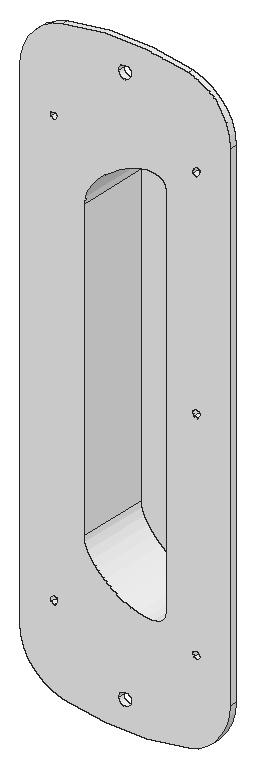
Revit family "KingswayGroup_PllHndls_RecessedPullHandle", category Specialty Equipment, Revit 2020
Family settings
  Round Connector Dimension = Use Diameter
  Part Type = Normal
  Work Plane-Based = No
  Always vertical = Yes
  Cut with Voids When Loaded = No
  Shared = No
  Room Calculation Point = No
Parameters
  WarrantyStartDate [instance] = "1900-12-31T23:59:59"
  WarrantyGuarantorParts = "sales@kingswaygroup.co.uk"
  WarrantyGuarantorLabor = "n/a"
  WarrantyDurationUnit = "year"  # constant formula
  WarrantyDurationParts = "5"  # constant formula
  WarrantyDurationLabor = "n/a"
  WarrantyDescription = "5-Year Guarantee *For faulty manufacture and not for damage"  # constant formula
  Version = "1"
  Uniclass2015Version = "Products v1.36"
  Uniclass2015Title = "Pull handles"
  Uniclass2015Code = "Pr_30_36_59_64"
  URL = "https://kingswaygroupglobal.com/"
  TagNumber [instance] = "n/a"
  SustainabilityPerformance = "n/a"
  Size = "74 x 217.1 x 25 mm"
  Shape = "n/a"
  SerialNumber [instance] = "n/a"
  Revision = "n/a"
  ReplacementCost = "n/a"
  ProductInformation = "https://kingswaygroupglobal.com/product/recessed-pull-handle?noredirect=true"
  NominalWidth = 25.00 mm  # constant formula
  NominalLength = 74.00 mm  # constant formula
  NominalHeight = 217.10 mm  # constant formula
  Name = "PullHandles_RecessedPullHandle_KG80_KingswayGroup"
  ModelReference = "Recessed Pull Handle"
  ModelNumber = "KG80"
  Model = ModelNumber  # "KG80"
  Material = "For full range of available material, contact Kingsway Group"
  ManufacturerURL = "https://kingswaygroupglobal.com/"
  ManufacturerName = "Kingsway Group"  # constant formula
  Manufacturer = ManufacturerName  # "Kingsway Group"
  InstallationDate [instance] = "1900-12-31T23:59:59"
  IfcExportType = "USERDEFINED"  # constant formula
  IfcExportAs = "IfcDiscreteAccessoryType"  # constant formula
  Grade = "n/a"
  Finish = "For full range of available finishes and colours, contact Kingsway Group"
  Features = "An anti-ligature recessed pull handle that gives good grip to the user with slim, flush mounting to the door leaf making it ideal for use in patient accessible areas."
  ExpectedLife = "n/a"
  DurationUnit = "year"
  HandleMaterial [instance] = NBS_Concept
  Description = "Recessed Pull Handle"
  Default Elevation = 0.00 mm
  Constituents = "n/a"
  Color = "For full range of available finishes and colours, contact Kingsway Group"
  CodePerformance = "n/a"
  Category = "Pr_30_36_59_64:Pull handles"
  BarCode [instance] = "n/a"
  BIMObjectName = "KingswayGroup_PullHandles_RecessedPullHandle"
  Author = "Kingsway Group"  # constant formula
  AssetType = "Fixed"
  AssetIdentifier [instance] = "n/a"
  AccessibilityPerformance = "n/a"
Reference planes
  plane 1 "Center (Front/Back)": y = 0
  plane 2: z = 0
  plane 3 "Center (Left/Right)": x = 0
Forms (mm)
  Extrusion 1, solid, material "NBS_Concept" <- "HandleMaterial"
    sketch origin (-0.018, 0, -108.516) x (1, 0, 0) y (0, 0, 1)
      loop
        arc (-36.982, 21.042) -> (-32.782, 9.099) -> (-22.027, 2.419) r 19.068
        arc (-22.027, 2.419) -> (0.053, 0) -> (22.133, 2.419) r 101.981
        arc (22.133, 2.419) -> (32.841, 9.12) -> (37.018, 21.042) r 19.082
        line (37.018, 21.042) -> (37.018, 196.061)
        arc (37.018, 196.061) -> (32.854, 207.968) -> (22.133, 214.613) r 18.925
        arc (22.133, 214.613) -> (0.053, 217.031) -> (-22.027, 214.613) r 102.038
        arc (-22.027, 214.613) -> (-32.764, 207.964) -> (-36.982, 196.061) r 19.051
        line (-36.982, 196.061) -> (-36.982, 21.042)
      loop
        circle (0.049, 9.977) r 2.262
      loop
        line (23.755, 33.176) -> (23.826, 31.765) -> (25.096, 31.13) -> (26.295, 31.906) -> (26.224, 33.317) -> (24.955, 33.952) -> (23.755, 33.176)
      loop
        line (-26.33, 33.035) -> (-26.048, 31.624) -> (-24.708, 31.13) -> (-23.579, 32.047) -> (-23.861, 33.458) -> (-25.202, 33.952) -> (-26.33, 33.035)
      loop
        line (24.602, 109.927) -> (23.614, 108.798) -> (24.038, 107.458) -> (25.519, 107.176) -> (26.436, 108.234) -> (26.013, 109.574) -> (24.602, 109.927)
      loop
        line (25.096, 185.973) -> (23.826, 185.338) -> (23.755, 183.857) -> (24.955, 183.081) -> (26.224, 183.715) -> (26.295, 185.197) -> (25.096, 185.973)
      loop
        circle (0.049, 207.056) r 2.262
      loop
        line (-24.637, 185.902) -> (-26.048, 185.479) -> (-26.33, 184.068) -> (-25.272, 183.081) -> (-23.932, 183.574) -> (-23.579, 184.915) -> (-24.637, 185.902)
    from 0 to 2.054
  Extrusion 2, solid, material "NBS_Concept" <- "HandleMaterial"
    sketch origin (-0.018, 0, -108.516) x (1, 0, 0) y (0, 0, 1)
      loop
        line (-16.384, 161.812) -> (-16.384, 56.314)
        spline (-16.384, 56.314) -> (-15.721, 53.074) -> (-14.006, 49.598) -> (-11.353, 46.116) -> (-7.94, 42.862) -> (-3.993, 40.053) -> (0.223, 37.875) -> (4.428, 36.475) -> (8.34, 35.945) -> (11.7, 36.321) -> (14.282, 37.579) -> (15.915, 39.633) -> (16.489, 42.347)
        line (16.489, 42.347) -> (16.489, 174.686) -> (16.419, 175.532) -> (16.207, 176.52) -> (15.855, 177.437) -> (15.29, 178.354) -> (14.585, 179.201) -> (13.738, 179.836) -> (12.751, 180.329) -> (11.34, 180.823) -> (9.788, 181.105) -> (8.236, 181.105) -> (6.684, 180.964) -> (4.779, 180.612) -> (2.875, 180.118) -> (-0.864, 178.566) -> (-3.545, 177.155) -> (-6.014, 175.532) -> (-8.412, 173.698) -> (-10.67, 171.582) -> (-12.998, 168.901) -> (-14.056, 167.42) -> (-14.973, 165.868) -> (-15.749, 164.034) -> (-16.384, 161.812)
    from -23.092 to 0
  Extrusion 3, void
    sketch origin (-0.018, 0, -108.516) x (1, 0, 0) y (0, 0, 1)
      loop
        spline (14.444, 174.685) -> (13.908, 176.794) -> (12.442, 178.285) -> (10.144, 179.059) -> (7.169, 179.064) -> (3.715, 178.3) -> (0.013, 176.817) -> (-3.689, 174.716) -> (-7.142, 172.136) -> (-10.116, 169.251) -> (-12.412, 166.253) -> (-13.875, 163.344) -> (-14.409, 160.718)
        line (-14.409, 160.718) -> (-14.409, 56.455)
        spline (-14.409, 56.455) -> (-13.939, 53.847) -> (-12.521, 50.94) -> (-10.251, 47.933) -> (-7.284, 45.03) -> (-3.82, 42.427) -> (-0.096, 40.302) -> (3.636, 38.799) -> (7.122, 38.021) -> (10.125, 38.019) -> (12.442, 38.795) -> (13.915, 40.295) -> (14.444, 42.417)
        line (14.444, 42.417) -> (14.444, 174.685)
    from -22.608 to 2.054
Cuts and joins
  Extrusion 3 cuts Extrusion 1
  Extrusion 3 cuts Extrusion 2
  joined: Extrusion 1, Extrusion 2
Dimensions and locks
  aligned and locked: level to plane 2
